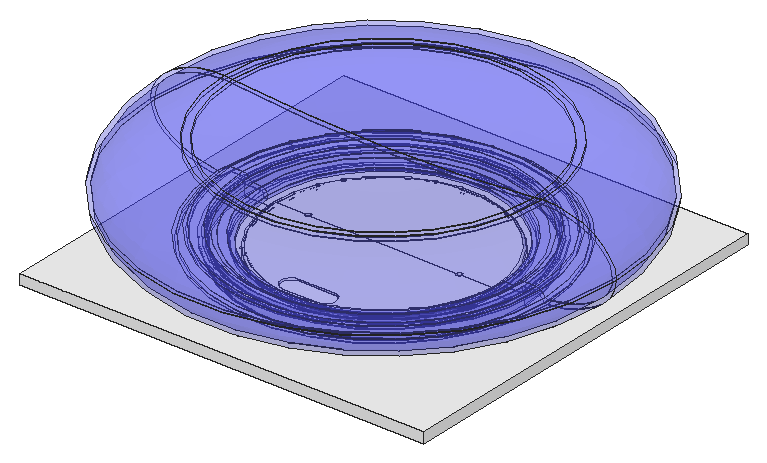
Revit family "BE_12161_de_DE", category Leuchten, Revit 2015
Parameters (values of type "BEGA_12161_K4")
  built-in parameter 1150104 = 12.092 (stored number, unit not read)
  Wattage = 25.2 W
  Default Elevation = 0 mm
  built-in parameter 1150113 = 1 (stored number, unit not read)
  built-in parameter 1114218 = 1 (stored number, unit not read)
  Umgebungstemperatur = ""
  URL = "http://www.bega.de/produkt/12161"
  Typenkommentare = "© 2017 BEGA. Wir behalten uns das Recht vor, technische Änderungen ohne vorherige Ankündigung vorzunehmen."  # constant formula
  built-in parameter 1150134 = 12
  built-in parameter 1150109 = 1 (stored number, unit not read)
  Strom = ""
  built-in parameter 1150110 = 1 (stored number, unit not read)
  Spannung = 239.996 V
  Sonderanfertigung = no
  Seriennummer [instance] = "Hier können Sie die eindeutige Seriennummer für das Facility Management eintragen."
  Schutzklasse = "I"
  Schutzart = "IP 20"
  Scheinlast = 0 VA
  Produktdatenblatt = "http://www.bega.de/download/Xrfa/db/12161.db.de.pdf"
  Oberflächentemperatur = ""
  Neigungswinkel = 0.00°
  Modell = "12161K4"
  Material_17 = BEGA_Reflektor
  Material_15 = BEGA_Leuchtmedium_matt
  Material_11 = BEGA_Glas_opal
  Material_09 = BEGA_Glas_klar
  Material_06 = BEGA_Oberfläche_Edelstahl_gebürstet
  Material_05 = BEGA_Oberfläche_Aluminium Guss
  Material_03 = BEGA_Oberfläche_Weiss_matt
  Material_02 = BEGA_Oberfläche_Silber_matt
  Material_01 [instance] = BEGA_Oberfläche_Grafit_matt
  M_W = no
  M_G = no
  M_A = no
  Logo = 0
  built-in parameter 1114217 = 1 (stored number, unit not read)
  built-in parameter 1150139 = (empty or 0)
  built-in parameter 1150105 = 872.22 (stored number, unit not read)
  built-in parameter 1150114 = 1 (stored number, unit not read)
  Lumens = 3280.03 lm
  built-in parameter 1150115 = 1 (stored number, unit not read)
  Leuchtenlichtstrom = "2447 lm"
  Leuchtenanzahl = ""
  Lebensdauerkriterien = "L70 = 50.000 h"
  Lastklassifizierung = Beleuchtung
  built-in parameter 1150112 = 1 (stored number, unit not read)
  Lampenlichtstrom = "3280 lm"
  Lampe = "LED 25.2 W"
  LED_Modulbezeichnung = "LED-0530/940 "
  Hersteller = "BEGA"  # constant formula
  Halbstreuwinkel = ""
  Gewicht = "5.1 kg"
  Gebrauchslageneinschränkung [instance] = ""
  Frequenz = "0/50-60 Hz"
  Farbwiedergabeindex = "Ra > 90"
  Farbtemperaturverschiebung bei Dämpfen der Lampe = <Keine Auswahl>
  Farbtemperatur = "4000 K"
  Color Filter = 16777215
  built-in parameter 1150133 = 10 (stored number, unit not read)
  Energieeffizienzklasse = "LED A++ - A"
  built-in parameter 1150137 = (empty or 0)
  built-in parameter 1150132 = (empty or 0)
  ENEC = ""
  Dimmbar [instance] = "DALI"
  Datei für fotometrisches Netz = "BE_12161K4.IES"
  CE_Konformität = "ja"
  Bestellnummer = "12161K4"
  Beschreibung_Sonderanfertigung = "Hier können Sie Informationen zur Sonderanfertigung eintragen."
  Beschreibung = "Decken- und Wandleuchte"
  built-in parameter 1150106 = 8.7222 (stored number, unit not read)
  Befestigungsbohrung = "Ø 5,5 mm"
  Befestigungsabstand = "150 mm"
  Ballwurfsicher = ""
  BEGA_Intern_aus = yes
  BEGA_Intern_an = yes
  BEGA_Intern_Konstruktion = yes
  BEGA_Intern = yes
  BEGA_IES = yes
  BEGA_Dummy = no
  Anschlussleitung = ""
  Anschlussleistung [instance] = "29.4 W"
  Anschlusskasten = ""
  built-in parameter 1150107 = 4000 (stored number, unit not read)
  built-in parameter 1150102 = (empty or 0)
  built-in parameter 1150138 = (empty or 0)
  Aktualisierung = "2017-06-19T04:08:15"
  Abstand_zur_angestrahlten_Fläche [instance] = ""
  AC/DC = "AC/DC"
Types (2, lengths in mm): name | built-in parameter 1150104 | built-in parameter 1150134 | Modell | built-in parameter 1150105 | Lumens | Leuchtenlichtstrom | Lampenlichtstrom | LED_Modulbezeichnung | Farbtemperatur | Datei für fotometrisches Netz | Bestellnummer | built-in parameter 1150106 | built-in parameter 1150107
  BEGA_12161_K3 | 11.668 (stored number, unit not read) | (empty or 0) | "12161" | 841.55 (stored number, unit not read) | 3164.87 lm | "2361 lm" | "3165 lm" | "LED-0530/930 " | "3000 K" | "BE_12161.IES" | "12161" | 8.4155 (stored number, unit not read) | 3000 (stored number, unit not read)
  BEGA_12161_K4 | 12.092 (stored number, unit not read) | 12 | "12161K4" | 872.22 (stored number, unit not read) | 3280.03 lm | "2447 lm" | "3280 lm" | "LED-0530/940 " | "4000 K" | "BE_12161K4.IES" | "12161K4" | 8.7222 (stored number, unit not read) | 4000 (stored number, unit not read)
Reference planes
  plane 1 "Mitte (Vorne/Hinten)": y = 0
  plane 2: z = 0
  plane 3 "Mitte (Links/Rechts)": x = 0
  plane 4 "Links": x = -230.479
  plane 5 "Rechts": x = 230.479
  plane 6 "Unten": y = -230.5
  plane 7 "Oben": y = 230.5
  plane 8 "Vorne": z = 102.75
  plane 9 "Hinten": z = 0
Forms (mm)
  Extrusion 1, solid, material "BEGA_Platte_Weiss"
    sketch origin (0, -1119.2, 0) x (1, 0, 0) y (0, 1, 0)
      loop
        line (-200, 1319.2) -> (-200, 919.2) -> (200, 919.2) -> (200, 1319.2) -> (-200, 1319.2)
    from 0 to -10
  Extrusion 2, solid, material "BEGA_Dummy_matt", visible <- "BEGA_Dummy"
    sketch origin (77.149, -76.023, 0) x (1, 0, 0) y (0, 1, 0)
      loop
        circle (-77.149, 76.023) r 230
    from 0 to 102.75
Dimensions and locks
  plane 1 "Mitte (Vorne/Hinten)" to Extrusion 1 = 200 mm
  aligned and locked: plane 2 to Extrusion 1
  aligned and locked: level to Extrusion 1
Nested families
  nested 1: "BE_12161" at (0, 0, 0), type "BE_12161"
Connectors
  electrical at (0, 0, 0), driven by "Lastklassifizierung", driven by "Spannung", driven by "Scheinlast"
    settings: index 1, voltage 239.996 V, apparent load 0 VA, apparent load phase1 0 VA, apparent load phase2 0 VA, apparent load phase3 0 VA, power factor 1, load classification "Beleuchtung", number of poles 1, system type 31, power factor state 1, is connector primary yes, connector utility no, sub classification motor no, connector description ""
Definition of nested family "BE_12161"
  Parameters (values of type "BE_12161")
    Default Elevation = 1 mm
    URL = "http://www.bega.de/de/produkt"
    Type Comments = "© 2015 BEGA. Wir behalten uns das Recht vor, technische Änderungen ohne vorherige Ankündigung vorzunehmen. "  # constant formula
    Type Image = (empty or 0)
    Neigungswinkel_um_Z2 = 0.00°
    Neigungswinkel_um_Z1 = 0.00°
    Neigungswinkel_um_Y2 = 0.00°
    Neigungswinkel_um_Y1 = 0.00°
    Neigungswinkel_um_X2 = 0.00°
    Neigungswinkel_um_X1 = 0.00°
    Material_17 = none
    Material_15 = none
    Material_11 = none
    Material_09 = none
    Material_06 = none
    Material_05 = none
    Material_03 = none
    Material_02 = none
    Material_01 = none
    M_W = yes
    M_G = yes
    M_A = yes
    Länge_Platte = 600 mm  # constant formula
    Höhe_Platte = -10 mm  # constant formula
    Manufacturer = "BEGA"  # constant formula
    Drehwinkel_um_Z2 = 0.00°
    Drehwinkel_um_Z1 = 0.00°
    Breite_Platte = 600 mm  # constant formula
  Reference planes
    plane 1 "Mitte (Oben/Unten)": y = 0
    plane 2: z = 0
    plane 3 "Mitte (Links/Rechts)": x = 0
    plane 4: x = -230.479
    plane 5: z = 102.75
    plane 6: x = 230.479
    plane 7: y = -230.5
    plane 8: y = 230.5
  Forms (mm)
    Extrusion 1, solid, detail levels medium
      sketch origin (0, 0, 0) x (1, 0, 0) y (0, 1, 0)
        loop
          line (-300, 300) -> (-300, -300) -> (300, -300) -> (300, 300) -> (-300, 300)
      from 0 to -10 <- "Höhe_Platte"
    Revolve 2, solid, material <- "Material_03", detail levels medium+fine
      sketch origin (0, 0, 0) x (1, 0, 0) y (0, 0, 1)
        loop
          line (-144, 16.5) -> (-144, 15.25) -> (-140.811, 15.25)
          arc (-140.811, 15.25) -> (-140.291, 15.04) -> (-140.062, 14.526) r 0.75
          line (-140.062, 14.526) -> (-139.675, 3.432)
          arc (-139.675, 3.432) -> (-139.066, 2.062) -> (-137.676, 1.5) r 2
          line (-137.676, 1.5) -> (-110.724, 1.5)
          arc (-110.724, 1.5) -> (-109.334, 2.062) -> (-108.725, 3.433) r 2
          line (-108.725, 3.433) -> (-108.652, 5.533)
          arc (-108.652, 5.533) -> (-108.348, 6.219) -> (-107.653, 6.5) r 1
          line (-107.653, 6.5) -> (0, 6.5) -> (0, 7.75) -> (-107.894, 7.75)
          arc (-107.894, 7.75) -> (-109.283, 7.189) -> (-109.893, 5.82) r 2
          line (-109.893, 5.82) -> (-109.966, 3.715)
          arc (-109.966, 3.715) -> (-110.271, 3.031) -> (-110.966, 2.75) r 1
          line (-110.966, 2.75) -> (-137.434, 2.75)
          arc (-137.434, 2.75) -> (-138.129, 3.031) -> (-138.434, 3.715) r 1
          line (-138.434, 3.715) -> (-138.813, 14.57)
          arc (-138.813, 14.57) -> (-139.424, 15.939) -> (-140.814, 16.5) r 2
          line (-140.814, 16.5) -> (-144, 16.5)
        axis (0, 16.5) -> (0, 1.5)
      angle from 0 to 360
    Revolve 3, solid, material <- "Material_11", detail levels medium+fine
      sketch origin (0, 0, 0) x (1, 0, 0) y (0, 0, 1)
        loop
          spline (0, 94.75) -> (-12.57, 94.802) -> (-25.134, 94.958) -> (-37.684, 95.218) -> (-50.215, 95.582) -> (-62.718, 96.05) -> (-75.189, 96.621) -> (-87.619, 97.295) -> (-100.002, 98.072) -> (-112.333, 98.951) -> (-124.603, 99.932) -> (-136.807, 101.014) -> (-148.939, 102.198)
          arc (-148.939, 102.198) -> (-152.902, 102.527) -> (-156.875, 102.71) r 107.041
          spline (-156.875, 102.71) -> (-166.334, 102.553) -> (-175.678, 101.568) -> (-184.739, 99.775) -> (-193.355, 97.204) -> (-201.369, 93.903) -> (-208.637, 89.93) -> (-215.028, 85.358) -> (-220.427, 80.269) -> (-224.736, 74.755) -> (-227.878, 68.915) -> (-229.797, 62.854) -> (-230.456, 56.682)
          spline (-230.456, 56.682) -> (-229.918, 51.395) -> (-228.267, 46.178) -> (-225.525, 41.099) -> (-221.729, 36.226) -> (-216.928, 31.622) -> (-211.186, 27.348) -> (-204.578, 23.46) -> (-197.191, 20.01) -> (-189.124, 17.042) -> (-180.481, 14.597) -> (-171.377, 12.706) -> (-161.931, 11.395)
          arc (-161.931, 11.395) -> (-160.61, 11.551) -> (-159.487, 12.263) r 3
          line (-159.487, 12.263) -> (-152.879, 18.871)
          arc (-152.879, 18.871) -> (-151.905, 19.522) -> (-150.757, 19.75) r 3
          line (-150.757, 19.75) -> (-138.5, 19.75)
          arc (-138.5, 19.75) -> (-137.439, 19.311) -> (-137, 18.25) r 1.5
          line (-137, 18.25) -> (-137, 14.75)
          arc (-137, 14.75) -> (-136.561, 13.689) -> (-135.5, 13.25) r 1.5
          line (-135.5, 13.25) -> (-120.5, 13.25)
          arc (-120.5, 13.25) -> (-119.439, 12.811) -> (-119, 11.75) r 1.5
          line (-119, 11.75) -> (-119, 7.75) -> (-115, 7.75) -> (-115, 11.25)
          arc (-115, 11.25) -> (-116.757, 15.493) -> (-121, 17.25) r 6
          line (-121, 17.25) -> (-128.966, 17.25)
          arc (-128.966, 17.25) -> (-131.682, 18.054) -> (-133.525, 20.204) r 5
          arc (-133.525, 20.204) -> (-135.739, 22.786) -> (-139, 23.75) r 6
          line (-139, 23.75) -> (-151.589, 23.75)
          arc (-151.589, 23.75) -> (-153.501, 23.369) -> (-155.121, 22.285) r 5
          line (-155.121, 22.285) -> (-160.269, 17.137)
          arc (-160.269, 17.137) -> (-161.891, 16.054) -> (-163.804, 15.673) r 5
          spline (-163.804, 15.673) -> (-172.723, 17.032) -> (-181.295, 18.929) -> (-189.397, 21.334) -> (-196.915, 24.213) -> (-203.745, 27.511) -> (-209.787, 31.171) -> (-214.952, 35.13) -> (-219.192, 39.304) -> (-222.468, 43.606) -> (-224.755, 47.956) -> (-226.074, 52.319) -> (-226.456, 56.666)
          spline (-226.456, 56.666) -> (-225.883, 62.035) -> (-224.199, 67.357) -> (-221.392, 72.56) -> (-217.467, 77.564) -> (-212.484, 82.262) -> (-206.516, 86.539) -> (-199.649, 90.288) -> (-192.021, 93.429) -> (-183.781, 95.891) -> (-175.081, 97.61) -> (-166.091, 98.557) -> (-156.985, 98.712)
          arc (-156.985, 98.712) -> (-153.278, 98.543) -> (-149.579, 98.242) r 103.041
          spline (-149.579, 98.242) -> (-137.396, 97.052) -> (-125.139, 95.963) -> (-112.816, 94.976) -> (-100.433, 94.091) -> (-87.996, 93.31) -> (-75.512, 92.632) -> (-62.989, 92.057) -> (-50.431, 91.587) -> (-37.847, 91.221) -> (-25.242, 90.959) -> (-12.625, 90.802) -> (0, 90.75)
          line (0, 90.75) -> (0, 94.75)
        axis (0, 102.71) -> (0, 7.75)
      angle from 0 to 360
    Revolve 4, solid, material <- "Material_03", detail levels medium+fine
      sketch origin (0, 0, 0) x (1, 0, 0) y (0, 0, 1)
        loop
          arc (-126.97, 2.123) -> (-123.644, 0.543) -> (-120, 0) r 12.498
          line (-120, 0) -> (-120, 2.123) -> (-126.97, 2.123)
        axis (-120, 0) -> (-120, 2.123)
      angle from 0 to 360
    Extrusion 5, void
      sketch origin (0, 0, 0) x (1, 0, 0) y (0, 1, 0)
        loop
          circle (-75, 0) r 2.75
        loop
          line (17, -83) -> (-17, -83)
          arc (-17, -83) -> (-27, -93) -> (-17, -103) r 10
          line (-17, -103) -> (17, -103)
          arc (17, -103) -> (27, -93) -> (17, -83) r 10
        loop
          circle (75, 0) r 2.75
      from 0 to 10
    Revolve 6, solid, material <- "Material_03", detail levels medium+fine
      sketch origin (0, 0, 0) x (0, -1, 0) y (0, 0, 1)
        loop
          arc (-126.97, 2.123) -> (-123.644, 0.543) -> (-120, 0) r 12.498
          line (-120, 0) -> (-120, 2.123) -> (-126.97, 2.123)
        axis (-120, 0) -> (-120, 2.123)
      angle from 0 to 360
    Revolve 7, solid, material <- "Material_03", detail levels medium+fine
      sketch origin (0, 0, 0) x (0, 1, 0) y (0, 0, 1)
        loop
          arc (-126.97, 2.123) -> (-123.644, 0.543) -> (-120, 0) r 12.498
          line (-120, 0) -> (-120, 2.123) -> (-126.97, 2.123)
        axis (-120, 0) -> (-120, 2.123)
      angle from 0 to 360
    Revolve 8, solid, material <- "Material_03", detail levels medium+fine
      sketch origin (0, 0, 0) x (-1, 0, 0) y (0, 0, 1)
        loop
          arc (-126.97, 2.123) -> (-123.644, 0.543) -> (-120, 0) r 12.498
          line (-120, 0) -> (-120, 2.123) -> (-126.97, 2.123)
        axis (-120, 0) -> (-120, 2.123)
      angle from 0 to 360
  Cuts and joins
    Extrusion 5 cuts Revolve 2
    Extrusion 5 cuts Revolve 4
    joined: Revolve 2, Revolve 4, Revolve 6, Revolve 7, Revolve 8
  Dimensions and locks
    equal spacing: Extrusion 1 sketch curve, plane 3 "Mitte (Links/Rechts)", Extrusion 1 sketch curve
    equal spacing: Extrusion 1 sketch curve, plane 1 "Mitte (Oben/Unten)", Extrusion 1 sketch curve
    "Länge_Platte": Extrusion 1 sketch curve to Extrusion 1 sketch curve
    "Breite_Platte": Extrusion 1 sketch curve to Extrusion 1 sketch curve
    aligned and locked: Extrusion 1 to plane 2
    aligned and locked: level to Extrusion 1
  Automatic sketch dimensions
    Revolve 4 sketch curve to Revolve 4 sketch curve = 6.969 mm
    Revolve 4 sketch curve to Revolve 4 sketch curve = 6.97 mm
    Revolve 4 sketch curve to Revolve 4 sketch curve = 2.123 mm
    Revolve 4 sketch curve to Revolve 4 sketch curve = 0 mm
    Revolve 4 sketch curve to Revolve 4 sketch curve = 0.59 mm
    Revolve 4 sketch curve to Revolve 4 sketch curve = 1.377 mm
    Revolve 2 sketch curve to plane 3 "Mitte (Links/Rechts)" = 0 mm  (x2)
    level to Revolve 2 sketch curve = 5.5 mm
    level to Revolve 2 sketch curve = 5.533 mm
    Revolve 2 sketch curve to Revolve 2 sketch curve = 0.758 mm  (x3)
    level to Revolve 2 sketch curve = 3.433 mm
    Revolve 2 sketch curve to Revolve 2 sketch curve = 0.073 mm
    level to Revolve 2 sketch curve = 3.715 mm  (x2)
    Revolve 2 sketch curve to Revolve 2 sketch curve = 1.241 mm  (x3)
    Revolve 2 sketch curve to Revolve 2 sketch curve = 0.241 mm  (x5)
    level to Revolve 2 sketch curve = 3.75 mm
    Revolve 2 sketch curve to Revolve 2 sketch curve = 26.469 mm
    level to Revolve 2 sketch curve = 3.432 mm
    level to Revolve 2 sketch curve = 14.526 mm
    Revolve 2 sketch curve to Revolve 2 sketch curve = 1.628 mm
    Revolve 2 sketch curve to Revolve 2 sketch curve = 0.749 mm
    Revolve 2 sketch curve to Revolve 2 sketch curve = 0.002 mm  (x2)
    Revolve 2 sketch curve to Revolve 2 sketch curve = 3.186 mm
    Revolve 2 sketch curve to Revolve 2 sketch curve = 0.25 mm  (x4)
    Revolve 2 sketch curve to Revolve 2 sketch curve = 1.25 mm  (x2)
    Revolve 2 sketch curve to Revolve 2 sketch curve = 0.026 mm
    Revolve 2 sketch curve to Revolve 2 sketch curve = 0.001 mm
    level to Revolve 2 sketch curve = 5.82 mm
    Revolve 2 sketch curve to Revolve 2 sketch curve = 0 mm  (x6)
    level to Revolve 2 sketch curve = 14.57 mm
    Revolve 2 sketch curve to Revolve 2 sketch curve = 1.249 mm
    Revolve 6 sketch curve to Revolve 6 sketch curve = 6.969 mm
    Revolve 6 sketch curve to Revolve 6 sketch curve = 6.97 mm
    Revolve 6 sketch curve to Revolve 6 sketch curve = 2.123 mm
    Revolve 6 sketch curve to Revolve 6 sketch curve = 0 mm
    Revolve 6 sketch curve to Revolve 6 sketch curve = 0.59 mm
    Revolve 6 sketch curve to Revolve 6 sketch curve = 1.377 mm
    Revolve 7 sketch curve to Revolve 7 sketch curve = 6.969 mm
    Revolve 7 sketch curve to Revolve 7 sketch curve = 6.97 mm
    Revolve 7 sketch curve to Revolve 7 sketch curve = 2.123 mm
    Revolve 7 sketch curve to Revolve 7 sketch curve = 0 mm
    Revolve 7 sketch curve to Revolve 7 sketch curve = 0.59 mm
    Revolve 7 sketch curve to Revolve 7 sketch curve = 1.377 mm
    Revolve 8 sketch curve to Revolve 8 sketch curve = 6.969 mm
    Revolve 8 sketch curve to Revolve 8 sketch curve = 6.97 mm
    Revolve 8 sketch curve to Revolve 8 sketch curve = 2.123 mm
    Revolve 8 sketch curve to Revolve 8 sketch curve = 0 mm
    Revolve 8 sketch curve to Revolve 8 sketch curve = 0.59 mm
    Revolve 8 sketch curve to Revolve 8 sketch curve = 1.377 mm
    Revolve 4 sketch curve to level = 0 mm
    Revolve 6 sketch curve to level = 0 mm
    Revolve 7 sketch curve to level = 0 mm
    Revolve 8 sketch curve to level = 0 mm
    plane 1 "Mitte (Oben/Unten)" to Extrusion 5 sketch curve = 0 mm  (x2)
    Extrusion 5 sketch curve to plane 3 "Mitte (Links/Rechts)" = 75 mm
    Extrusion 5 sketch curve to plane 3 "Mitte (Links/Rechts)" = 17 mm
    plane 3 "Mitte (Links/Rechts)" to Extrusion 5 sketch curve = 17 mm
    plane 3 "Mitte (Links/Rechts)" to Extrusion 5 sketch curve = 75 mm
    plane 1 "Mitte (Oben/Unten)" to Extrusion 5 sketch curve = 83 mm
    Extrusion 5 sketch curve to Extrusion 5 sketch curve = 10 mm
    level to Revolve 3 sketch curve = 15.673 mm
    Revolve 3 sketch curve to Revolve 3 sketch curve = 0.001 mm
    Revolve 3 sketch curve to Revolve 3 sketch curve = 2.189 mm
    Revolve 3 sketch curve to level = 4.291 mm
    Revolve 3 sketch curve to Revolve 3 sketch curve = 1.815 mm
    Revolve 3 sketch curve to Revolve 3 sketch curve = 0 mm  (x27)
    level to Revolve 3 sketch curve = 12.263 mm
    Revolve 3 sketch curve to Revolve 3 sketch curve = 2.128 mm
    Revolve 3 sketch curve to Revolve 3 sketch curve = 8.684 mm
    Revolve 3 sketch curve to Revolve 3 sketch curve = 3.532 mm
    Revolve 3 sketch curve to Revolve 3 sketch curve = 3.536 mm  (x2)
    Revolve 3 sketch curve to Revolve 3 sketch curve = 0.828 mm
    Revolve 3 sketch curve to Revolve 3 sketch curve = 11.757 mm
    Revolve 3 sketch curve to Revolve 3 sketch curve = 0.5 mm  (x5)
    Revolve 3 sketch curve to Revolve 3 sketch curve = 3 mm  (x2)
    Revolve 3 sketch curve to Revolve 3 sketch curve = 6.534 mm
    Revolve 3 sketch curve to Revolve 3 sketch curve = 0.003 mm
    Revolve 3 sketch curve to Revolve 3 sketch curve = 7.966 mm
    Revolve 3 sketch curve to Revolve 3 sketch curve = 2 mm  (x2)
    Revolve 3 sketch curve to Revolve 3 sketch curve = 4 mm  (x3)
    plane 3 "Mitte (Links/Rechts)" to Revolve 3 sketch curve = 0 mm
    level to Revolve 3 sketch curve = 7.75 mm
    Revolve 3 sketch curve to Revolve 3 sketch curve = 3.5 mm  (x2)
    Revolve 3 sketch curve to Revolve 3 sketch curve = 1.295 mm
    level to Revolve 3 sketch curve = 14.75 mm
    Revolve 3 sketch curve to Revolve 3 sketch curve = 4.487 mm
    Revolve 3 sketch curve to Revolve 3 sketch curve = 2.5 mm
    Revolve 3 sketch curve to Revolve 3 sketch curve = 1 mm
    Revolve 3 sketch curve to Revolve 3 sketch curve = 5 mm  (x2)
    level to Revolve 3 sketch curve = 90.75 mm
    Revolve 3 sketch curve to Revolve 3 sketch curve = 2.129 mm
    Revolve 3 sketch curve to Revolve 3 sketch curve = 2.444 mm
    Revolve 3 sketch curve to Revolve 3 sketch curve = 1.345 mm
    level to Revolve 3 sketch curve = 17.137 mm
    Revolve 3 sketch curve to Revolve 3 sketch curve = 8.411 mm
    Revolve 3 sketch curve to Revolve 3 sketch curve = 0.109 mm
    level to Revolve 3 sketch curve = 18.871 mm
    Revolve 3 sketch curve to Revolve 3 sketch curve = 1.293 mm
    Revolve 3 sketch curve to Revolve 3 sketch curve = 0.64 mm
    Revolve 3 sketch curve to Revolve 3 sketch curve = 14.543 mm
    Revolve 3 sketch curve to Revolve 3 sketch curve = 1.5 mm  (x2)
    Revolve 3 sketch curve to Revolve 3 sketch curve = 3.475 mm
    plane 3 "Mitte (Links/Rechts)" to Revolve 3 sketch curve = 0.023 mm
    plane 3 "Mitte (Links/Rechts)" to Revolve 3 sketch curve = 0.034 mm
    Revolve 3 sketch curve to Revolve 3 sketch curve = 0.193 mm
    Revolve 3 sketch curve to Revolve 3 sketch curve = 0.068 mm
    Revolve 3 sketch curve to Revolve 3 sketch curve = 3.306 mm
    Revolve 2 sketch curve to plane 3 "Mitte (Links/Rechts)" = 107.653 mm
    Revolve 3 sketch curve to plane 3 "Mitte (Links/Rechts)" = 115 mm
    Revolve 3 sketch curve to Revolve 3 sketch curve = 3.015 mm
    level to Revolve 3 sketch curve = 56.666 mm
    Revolve 3 sketch curve to Revolve 3 sketch curve = 66.456 mm
    Revolve 3 sketch curve to Revolve 3 sketch curve = 3.998 mm
    Revolve 3 sketch curve to Revolve 3 sketch curve = 7.937 mm
    level to Revolve 3 sketch curve = 290.397 mm
    Revolve 4 sketch curve to plane 3 "Mitte (Links/Rechts)" = 126.97 mm
    plane 3 "Mitte (Links/Rechts)" to Revolve 8 sketch curve = 126.97 mm
    plane 1 "Mitte (Oben/Unten)" to Revolve 7 sketch curve = 126.97 mm
    Revolve 6 sketch curve to plane 1 "Mitte (Oben/Unten)" = 126.97 mm
    radius of Extrusion 5 sketch curve = 2.75 mm  (x2)
